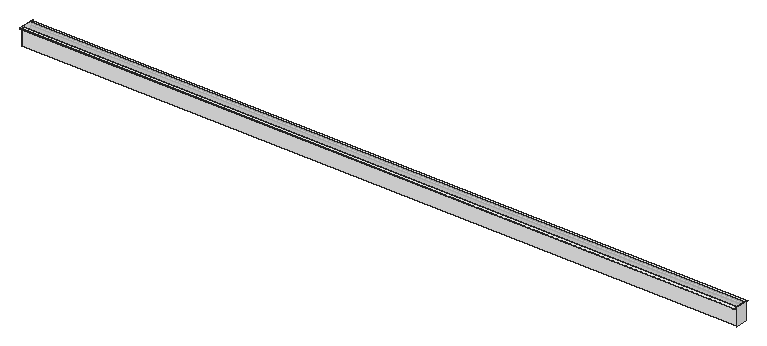
Revit family "2093138 Sylvania Lighting Fixture MC2 TRIM 3-6M 3K DALIEM WHT OPAL", category Lighting Fixtures, host Face, Revit 2016
Family settings
  Host = Face
  Part Type = Normal
  Round Connector Dimension = Use Diameter
  OmniClass Number = 23.80.70.11.17
  OmniClass Title = Specialized Lighting by Location or Use
  Cut with Voids When Loaded = No
  Light Source = Yes
  Shared = No
  Room Calculation Point = No
Parameters (values of type "2093138 MC2 TRIM 3.6M 3K DALIEM WHT OPAL Emergency mode")
  Width_SYL = 54.0 mm
  Weight = "8.7 kg"
  Wattage = 66 W
  WarrantyStartDate [instance] = "n/a"
  WarrantyGuarantorParts = "n/a"
  WarrantyDurationUnit = "n/a"
  WarrantyDurationParts = "n/a"
  WarrantyDescription = "n/a"
  built-in parameter 1150110 = 1 (stored number, unit not read)
  Voltage = 0 V
  URL = "http://www.sylvania-lighting.com"
  TypeName = "MC2 TRIM 3.6M 3K DALIEM WHT OPAL Emergency mode"
  built-in parameter 1114217 = 1 (stored number, unit not read)
  Tilt Angle = -90.00°
  built-in parameter 1150109 = 1 (stored number, unit not read)
  built-in parameter 1150134 = (empty or 0)
  built-in parameter 1150113 = 1 (stored number, unit not read)
  SerialNumber [instance] = "n/a"
  PowerFactor = 0.98
  PowerConsumption = "66 W"
  NominalWidth = 0.0 mm
  NominalLength = 3600.0 mm
  NominalHeight = 86.0 mm
  Name = "MC2 TRIM 3.6M 3K DALIEM WHT OPAL Emergency mode"
  ModelReference = "MC2 TRIM 3.6M 3K DALIEM WHT OPAL"
  ModelNumber = "2093138"
  Material_3_SYL = Metal_Sylvania_Mini Contiuum II_Silver
  Photometric Web File = "2093138EM.ies"
  Material = "aluminium housing, polycarbonate diffuser"
  ManufacturerName = "Feilo Sylvania"
  LuminousEfficacy = "1.833 lm/W"
  LuminaireType = ""
  LightOutputRatio = "100"
  Length_SYL = 3600.0 mm
  LampsType = Lamp  # "LED"
  LampNominalLuminous = "121 lm"
  LampMacAdamStep = "3"
  LampColourTemperature = "3000 K"
  LampColourRenderingIndex = "80"
  Keynote = "16500"
  InstallationDate [instance] = "n/a"
  InputVoltage = "n/a"
  InputNominalFrequency = "n/a"
  IngressProtection = "IP20"
  ImpactProtectionIndex = "n/a"
  IfcExportType = "IfcLightFixtureType"
  IfcExportAs = "IfcLightFixtureType"
  Height_SYL = 86.0 mm
  ExpectedLife = 50000
  EndCapRight_SYL [instance] = yes
  EndCapLeft_SYL [instance] = yes
  Emit from Rectangle Width = Width_SYL - 2.0 mm  # 52.0 mm
  Emit from Rectangle Length = Length_SYL  # 3600.0 mm
  Emit Shape Visible in Rendering = no
  ElectricShockClassification = "Class I"
  DurationUnit = "hours"
  DocumentationLiterature = "http://www.sylvania-lighting.com/product/en-int/products/2093138"
  DimmingControlOptions = "n/a"
  CreatedOn = "10/15/2018"
  CreatedBy = "@sylvania-lighting.com"
  built-in parameter 1114216 [instance] = 1 (stored number, unit not read)
  Model = "MC2 TRIM 3.6M 3K DALIEM WHT OPAL"
  Manufacturer = "Feilo Sylvania"  # constant formula
  built-in parameter 1150105 = 9.6289 (stored number, unit not read)
  Lumens = 121 lm
  built-in parameter 1150115 = 1 (stored number, unit not read)
  built-in parameter 1150137 = (empty or 0)
  built-in parameter 1150139 = (empty or 0)
  built-in parameter 1150112 = 1 (stored number, unit not read)
  built-in parameter 1150114 = 1 (stored number, unit not read)
  Lamp = "LED"
  built-in parameter 1150132 = 2
  built-in parameter 1150102 = (empty or 0)
  built-in parameter 1150107 = 3000 (stored number, unit not read)
  built-in parameter 1150138 = (empty or 0)
  built-in parameter 1150106 = 0.096289 (stored number, unit not read)
  Material_1_SYL = Metal_Sylvania_Mini Continuum II_White
  built-in parameter 1150104 = 0.17032 (stored number, unit not read)
  Dimming Lamp Color Temperature Shift = <None>
  Material_2_SYL = Polycarbonate_Sylvania_Mini Continuum II_Opal_4000K
  Description = "Mini Continuum II introduces a uniquely clean, simple LED lighting system offering continuous, highly uniform lines of light across walls and ceilings. This highly versatile lighting tool can be recessed, semi-recessed, surface-mounted or suspended, either vertically or horizontally. Available as direct/indirect or direct only distribution - both of which can be interconnected. Every batten has a plug and socket arrangement for easy and rapid electrical installation. Mini Continuum II Direct is available in two versions: one with an outside trim detail for plasterboard ceilings; and a trimless version for when a seamless effect is required. Dimmable DALI versions and 3hr non-maintained integral emergency options are available as standard options"  # constant formula
  Default Elevation = 0.0 mm
  Color Filter = 16777215
  built-in parameter 1140040 [instance] = 1
  BarCode [instance] = "n/a"
  built-in parameter 1114218 = 1 (stored number, unit not read)
  built-in parameter 1150133 = 10 (stored number, unit not read)
  AssetType = "Fixed"
  AssetIdentifier [instance] = "n/a"
  Assembly Code = "D5020200"
  Apparent Load = 66 VA
Types (2, lengths in mm): name | TypeName | Name | Photometric Web File | LuminousEfficacy | LampNominalLuminous | built-in parameter 1150105 | Lumens | built-in parameter 1150106 | built-in parameter 1150104
  2093138 MC2 TRIM 3.6M 3K DALIEM WHT OPAL Emergency mode | "MC2 TRIM 3.6M 3K DALIEM WHT OPAL Emergency mode" | "MC2 TRIM 3.6M 3K DALIEM WHT OPAL Emergency mode" | "2093138EM.ies" | "1.833 lm/W" | "121 lm" | 9.6289 (stored number, unit not read) | 121 lm | 0.096289 (stored number, unit not read) | 0.17032 (stored number, unit not read)
  2093138 MC2 TRIM 3.6M 3K DALIEM WHT OPAL | "MC2 TRIM 3.6M 3K DALIEM WHT OPAL" | "MC2 TRIM 3.6M 3K DALIEM WHT OPAL" | "2093138.ies" | "100 lm/W" | "6621 lm" | 525.21 (stored number, unit not read) | 6600 lm | 5.2521 (stored number, unit not read) | 9.2903 (stored number, unit not read)
Reference planes
  plane 1 "Center (Front/Back)": y = 0
  plane 2 "Bottom Fixtures": z = 0
  plane 3 "Center (Left/Right)": x = 0
  plane 4 "Fixture Left": x = -1800
  plane 5 "Fixture Right": x = 1800
  plane 6 "Fixture Bottom": z = 2
  plane 7: z = 0
  plane 8: z = -2
  plane 9: z = -11.049
  plane 10: z = -41.049
  plane 11 "Fixture Top": z = -84
  plane 12: y = 27
  plane 13: y = -27
  plane 14: y = -26
  plane 15: y = -25
  plane 16: y = 26
  plane 17: y = 25
  plane 18: y = 11
  plane 19: y = -11
  plane 20: y = 24
  plane 21: y = 22
  plane 22: y = -22
  plane 23: y = 15
  plane 24: y = -15
  plane 25: y = 40
  plane 26: y = -40
  plane 27: x = -1802
  plane 28: x = 1802
Forms (mm)
  Extrusion 1, solid, material "Metal_Sylvania_Mini Continuum II_White" <- "Material_1_SYL", detail levels fine
    sketch origin (0, 0, -84) x (0, 1, 0) y (0, 0, 1)
      loop
        line (27, 84) -> (40, 84) -> (40, 86) -> (26, 86) -> (26, 84) -> (25, 84) -> (25, 2) -> (13, 2) -> (13, 4) -> (-13, 4) -> (-13, 2) -> (-25, 2) -> (-25, 84) -> (-26, 84) -> (-26, 86) -> (-40, 86) -> (-40, 84) -> (-27, 84) -> (-27, 0) -> (-11, 0) -> (-11, 2) -> (11, 2) -> (11, 0) -> (27, 0) -> (27, 84)
    from -1800 to 1800
  Extrusion 2, solid, material "Polycarbonate_Sylvania_Mini Continuum II_Opal_4000K" <- "Material_2_SYL", detail levels fine
    sketch origin (0, 0, -84) x (0, 1, 0) y (0, 0, 1)
      loop
        line (-26, 86) -> (-26, 84) -> (26, 84) -> (26, 86) -> (-26, 86)
    from -1800 to 1800
  Extrusion 3, solid, material "Metal_Sylvania_Mini Contiuum II_Silver" <- "Material_3_SYL", detail levels fine
    sketch origin (0, 0, -84) x (0, 1, 0) y (0, 0, 1)
      loop
        line (22, 72.951) -> (20.973, 72.951) -> (14.206, 43.951) -> (-14.206, 43.951) -> (-20.973, 72.951) -> (-22, 72.951) -> (-15, 42.951) -> (15, 42.951) -> (22, 72.951)
    from -1800 to 1800
  Extrusion 4, solid, material "Metal_Sylvania_Mini Continuum II_White" <- "Material_1_SYL", detail levels coarse+medium
    sketch origin (0, 0, -84) x (0, 1, 0) y (0, 0, 1)
      loop
        line (-27, 86) -> (-27, 0) -> (27, 0) -> (27, 86) -> (-27, 86)
    from -1800 to 1800
  Extrusion 5, solid, material "Metal_Sylvania_Mini Continuum II_White" <- "Material_1_SYL", detail levels coarse+medium
    sketch origin (0, 0, -84) x (0, 1, 0) y (0, 0, 1)
      loop
        line (40, 86) -> (27, 86) -> (27, 84) -> (40, 84) -> (40, 86)
      loop
        line (-27, 86) -> (-40, 86) -> (-40, 84) -> (-27, 84) -> (-27, 86)
    from -1800 to 1800
  Extrusion 6, void
    sketch origin (0, 0, 0) x (0, 1, 0) y (0, 0, 1)
      loop
        line (27, 0) -> (-27, 0) -> (-27, -84) -> (27, -84) -> (27, 0)
    from -1800 to 1800
  Extrusion 7, solid, material "Metal_Sylvania_Mini Continuum II_White" <- "Material_1_SYL", visible <- "EndCapLeft_SYL"
    sketch origin (-1800, 171.684, 1219.2) x (0, 1, 0) y (0, 0, 1)
      loop
        line (-198.684, -1219.2) -> (-198.684, -1303.2) -> (-144.684, -1303.2) -> (-144.684, -1219.2) -> (-131.684, -1219.2) -> (-131.684, -1217.2) -> (-211.684, -1217.2) -> (-211.684, -1219.2) -> (-198.684, -1219.2)
    from 0 to -2
  Extrusion 8, solid, material "Metal_Sylvania_Mini Continuum II_White" <- "Material_1_SYL", visible <- "EndCapRight_SYL"
    sketch origin (1800, 171.684, 1219.2) x (0, 1, 0) y (0, 0, -1)
      loop
        line (-131.684, 1217.2) -> (-131.684, 1219.2) -> (-144.684, 1219.2) -> (-144.684, 1303.2) -> (-198.684, 1303.2) -> (-198.684, 1219.2) -> (-211.684, 1219.2) -> (-211.684, 1217.2) -> (-131.684, 1217.2)
    from 0 to -2
Lines and regions (mm)
  Masking region 1
    outline origin (0, 0, -86) x (-1, 0, 0) y (0, -1, 0)
      loop
        line (1800, -40) -> (1800, 40) -> (-1800, 40) -> (-1800, -40) -> (1800, -40)
  symbolic lines, detail levels fine
    curve 1: line (-1800, 27, -86) -> (1800, 27, -86)
    curve 2: line (-1800, -27, -86) -> (1800, -27, -86)
Dimensions and locks
  host sketch curve to plane 3 "Center (Left/Right)" to host sketch curve = 1260.0 mm, 1259.41 mm
  equal spacing: plane 4 "Fixture Left", plane 3 "Center (Left/Right)", plane 5 "Fixture Right"
  "Length_SYL": plane 4 "Fixture Left" to plane 5 "Fixture Right"
  plane 6 "Fixture Bottom" to plane 7 to plane 8 to plane 9 to plane 10 = 2.0 mm locked, 2.0 mm locked, 9.049 mm locked, 30.0 mm locked
  locked: Extrusion 1 sketch curve to Extrusion 1 sketch curve at 2
  "Height_SYL": plane 6 "Fixture Bottom" to plane 11 "Fixture Top"
  equal spacing: plane 12, plane 1 "Center (Front/Back)", plane 13
  plane 19 to plane 24 to plane 22 to plane 15 to plane 14 to plane 13 to plane 26 = 4.0 mm locked, 7.0 mm locked, 3.0 mm locked, 1.0 mm locked, 1.0 mm locked, 13.0 mm locked
  plane 25 to plane 12 to plane 16 to plane 17 to plane 20 to plane 21 to plane 23 to plane 18 = 13.0 mm locked, 1.0 mm locked, 1.0 mm locked, 1.0 mm locked, 2.0 mm locked, 7.0 mm locked, 4.0 mm locked
  "Width_SYL": plane 12 to plane 13
  equal spacing: plane 27, plane 3 "Center (Left/Right)", plane 28
  locked: plane 27 to plane 4 "Fixture Left" at 2
  aligned and locked: plane 2 "Bottom Fixtures" to host face
  aligned and locked: level to host face
  aligned and locked: Extrusion 1 sketch curve to plane 7  (x2)
  aligned and locked: plane 6 "Fixture Bottom" to Extrusion 1 sketch curve  (x2)
  aligned and locked: plane 7 to Extrusion 1 sketch curve
  aligned and locked: Extrusion 1 to Extrusion 2 sketch curve
  aligned and locked: Extrusion 2 sketch curve to Extrusion 1  (x3)
  aligned and locked: Extrusion 3 sketch curve to plane 10
  aligned and locked: plane 9 to Extrusion 3 sketch curve
  aligned and locked: Extrusion 3 sketch curve to plane 9
  aligned and locked: Extrusion 4 sketch curve to plane 6 "Fixture Bottom"
  aligned and locked: Extrusion 5 sketch curve to Extrusion 1  (x6)
  aligned and locked: Extrusion 4 to Extrusion 5 sketch curve
  aligned and locked: Extrusion 5 sketch curve to Extrusion 4
  aligned and locked: Extrusion 1 to Extrusion 6 sketch curve
  aligned and locked: Extrusion 6 sketch curve to Extrusion 1
  aligned and locked: Extrusion 6 sketch curve to plane 11 "Fixture Top"
  aligned and locked: Extrusion 6 sketch curve to plane 13
  aligned and locked: Extrusion 6 to plane 5 "Fixture Right"
  aligned and locked: plane 6 "Fixture Bottom" to imposter light
  aligned and locked: Masking region 1 sketch curve to Extrusion 1  (x4)
  aligned and locked: plane 5 "Fixture Right" to curve 1
  aligned and locked: plane 4 "Fixture Left" to curve 1
  aligned and locked: curve 1 to plane 12
  aligned and locked: plane 4 "Fixture Left" to curve 2
  aligned and locked: plane 5 "Fixture Right" to curve 2
  aligned and locked: curve 2 to plane 13
  aligned and locked: Extrusion 4 to plane 5 "Fixture Right"
  aligned and locked: Extrusion 1 to plane 5 "Fixture Right"
  aligned and locked: Extrusion 3 to plane 5 "Fixture Right"
  aligned and locked: Extrusion 4 to plane 4 "Fixture Left"
  aligned and locked: Extrusion 1 to plane 4 "Fixture Left"
  aligned and locked: Extrusion 3 to plane 4 "Fixture Left"
  aligned and locked: Extrusion 2 to plane 5 "Fixture Right"
  aligned and locked: Extrusion 5 to plane 5 "Fixture Right"
  aligned and locked: Extrusion 5 to plane 4 "Fixture Left"
  aligned and locked: Extrusion 2 to plane 4 "Fixture Left"
  aligned and locked: Extrusion 6 to plane 4 "Fixture Left"
  aligned and locked: Extrusion 4 to Extrusion 7 sketch curve
  aligned and locked: Extrusion 7 sketch curve to Extrusion 4  (x2)
  aligned and locked: Extrusion 7 sketch curve to Extrusion 5  (x4)
  aligned and locked: plane 6 "Fixture Bottom" to Extrusion 7 sketch curve
  aligned and locked: Extrusion 7 to plane 27
  aligned and locked: plane 4 "Fixture Left" to Extrusion 7
  aligned and locked: Extrusion 8 sketch curve to Extrusion 7  (x8)
  aligned and locked: plane 28 to Extrusion 8
  aligned and locked: plane 5 "Fixture Right" to Extrusion 8
Automatic sketch dimensions
  host sketch curve to host sketch curve = 1047.463 mm
  Extrusion 1 sketch curve to plane 26 = 0.0 mm
  Extrusion 1 sketch curve to plane 13 = 0.0 mm
  Extrusion 1 sketch curve to plane 14 = 0.0 mm
  Extrusion 1 sketch curve to plane 15 = 0.0 mm
  Extrusion 1 sketch curve to plane 19 = 0.0 mm
  Extrusion 1 sketch curve to plane 18 = 0.0 mm
  Extrusion 1 sketch curve to plane 17 = 0.0 mm
  Extrusion 1 sketch curve to plane 16 = 0.0 mm
  Extrusion 1 sketch curve to level = 0.0 mm
  Extrusion 1 sketch curve to plane 12 = 0.0 mm
  Extrusion 1 sketch curve to plane 25 = 0.0 mm
  Extrusion 1 sketch curve to plane 11 "Fixture Top" = 0.0 mm  (x2)
  Extrusion 1 sketch curve to plane 19 = 2.0 mm
  Extrusion 1 sketch curve to plane 18 = 2.0 mm
  plane 11 "Fixture Top" to Extrusion 1 sketch curve = 2.0 mm  (x3)
  Extrusion 3 sketch curve to plane 22 = 0.0 mm
  Extrusion 3 sketch curve to plane 24 = 0.0 mm
  Extrusion 3 sketch curve to plane 23 = 0.0 mm
  Extrusion 3 sketch curve to plane 21 = 0.0 mm
  plane 10 to Extrusion 3 sketch curve = 1.0 mm
  Extrusion 3 sketch curve to Extrusion 3 sketch curve = 1.027 mm  (x2)
  plane 24 to Extrusion 3 sketch curve = 0.794 mm
  plane 23 to Extrusion 3 sketch curve = 0.794 mm
  Extrusion 4 sketch curve to plane 11 "Fixture Top" = 0.0 mm
  Extrusion 4 sketch curve to plane 13 = 0.0 mm
  Extrusion 4 sketch curve to plane 12 = 0.0 mm
Connectors
  electrical at (-1800, 0, 0), driven by "Apparent Load"
    settings: index 1, voltage 230 V, apparent load 0 VA, apparent load phase1 66 VA, apparent load phase2 0 VA, apparent load phase3 0 VA, power factor 1, load classification "Lighting", number of poles 1, system type 31, power factor state 1, is connector primary yes, connector utility no, sub classification motor no, connector description ""
